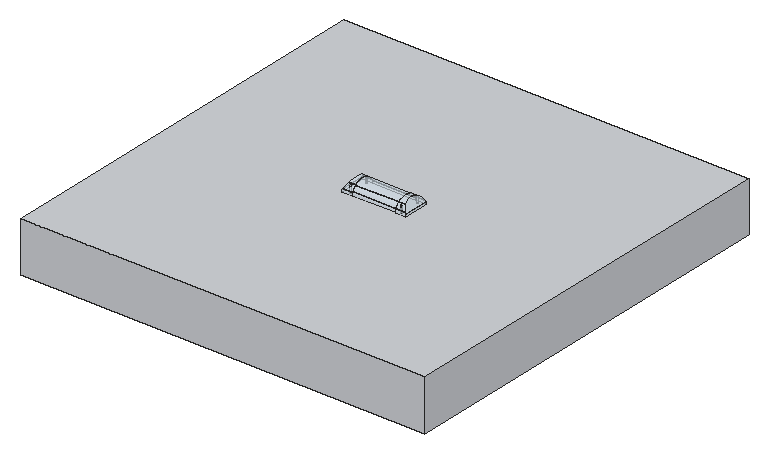
Revit family "GALAD Купер LED", category Осветительные приборы, Revit 2018
Family settings
  Основа = Грань
  Размер круглого соединителя = Использовать диаметр
  Тип детали = Нормальный
  При загрузке вырезать с полостями = Нет
  Источник света = Да
  Общий = Нет
  Точка расчета площади = Нет
Parameters (values of type "ДБО64-6х2-004 УХЛ4 (220В с датчиком.)")
  built-in parameter 1150104 = 13.8 (stored number, unit not read)
  Частота = "50"  # constant formula
  Цветопередача = 80
  built-in parameter 1150134 = 5000
  Файл фотометрической сетки = "GALAD kuper dbo64-6X2-004.IES"
  Угол наклона = 90.00°
  Тип устройства управления светодиодами = "без управления"  # constant formula
  Тип продукции = "Светильник"  # constant formula
  Тип монтажной поверхности = "настенный"
  Тип источника света = "LED"  # constant formula
  Тип ПРА = "ЭПРА"  # constant formula
  Тип КСС = "Косинусная"
  Срок службы = "12 лет"  # constant formula
  built-in parameter 1150137 = (empty or 0)
  built-in parameter 1150132 = 2
  built-in parameter 1150114 = 1 (stored number, unit not read)
  Снижение светового потока во время разгорания = "не более 6%"
  Dimming Lamp Color Temperature Shift = (empty or 0)
  built-in parameter 1150105 = 286.69 (stored number, unit not read)
  Color Filter = 16777215
  Lumens = 1140 lm
  Световая отдача = 95
  built-in parameter 1150109 = 1 (stored number, unit not read)
  built-in parameter 1150112 = 1 (stored number, unit not read)
  built-in parameter 1150110 = 1 (stored number, unit not read)
  built-in parameter 1150113 = 1 (stored number, unit not read)
  built-in parameter 1150115 = 1 (stored number, unit not read)
  built-in parameter 1114218 = 1 (stored number, unit not read)
  built-in parameter 1114217 = 1 (stored number, unit not read)
  Apparent Load = ADSK_Номинальная мощность / ADSK_Коэффициент мощности  # 40 VA
  Default Elevation = 1219.2 mm
  built-in parameter 1150106 = 2.867 (stored number, unit not read)
  Описание = "Светодиодный светильник GALAD Купер LED укомплектован датчиком свет+звук, когда освещенности в помещении недостаточно, датчик регистрирует звуки и, при наличии уровня шума выше порогового, включает светильник на 100% мощности, если освещенности в помещении достаточно, светильник не реагирует на звук и остается выключенным."  # constant formula
  Область использования = "ЖКХ"
  built-in parameter 1150142 = "IESNA:LM-63-95\r\n[TEST] Протокол №121R/10 \r\r\n[DATA] 23.11.2015\r\n[MORE] Измерение ИЦ ВНИСИ, гониофотометр RIGO-801, Ж С Ю\r\n[MANUFAC] GALAD\r\r\n[LUMCAT] \r\r\n[LUMINAIRE] Купер ДБО64-6X2-004\r\r\n[LAMPCAT] \r\r\n[LAMP]  СД, 12 Вт\r\r\n\r\nTILT=NONE\r\n1 1100 1.43 73 37 1 2 0.38 0.156 0.07\r\n1 1 12 \r\n 0 2.5 5 7.5 10 12.5 15 17.5 20 22.5 25 27.5 30 32.5 35 37.5 40 42.5 45 47.5 50\r\n 52.5 55 57.5 60 62.5 65 67.5 70 72.5 75 77.5 80 82.5 85 87.5 90 92.5 95 97.5 100\r\n 102.5 105 107.5 110 112.5 115 117.5 120 122.5 125 127.5 130 132.5 135 137.5 140\r\n 142.5 145 147.5 150 152.5 155 157.5 160 162.5 165 167.5 170 172.5 175 177.5 180\r\n 0 2.5 5 7.5 10 12.5 15 17.5 20 22.5 25 27.5 30 32.5 35 37.5 40 42.5 45 47.5 50\r\n 52.5 55 57.5 60 62.5 65 67.5 70 72.5 75 77.5 80 82.5 85 87.5 90\r\n 239.4 243.3 242.1 242.1 240.6 240.9 241.6 245.4 249.2 245.9 235 221.8 212.4 206.4\r\n 200.2 192 184.4 179 172.8 166.4 161.1 155.6 149 143.1 137.6 132.2 127.7 122.9\r\n 117.9 114.5 113.8 117.7 119.4 112.7 98.8 81.4 69.4 61.4 45 31.3 24 19.4 15.9 12.9\r\n 10 7.4 6.4 6.3 7.2 6.9 6.6 6.2 5.7 5.2 4.4 3.8 3 2.3 1.8 1.3 0.8 0.4 0.2 0.1 0 0\r\n 0.1 0.1 0 0 0 0 0\r\n 239.4 241.1 241.1 242.6 240.8 242.4 243 244.9 248.5 245.4 235.1 222.3 213.8 206.4\r\n 199.2 191.8 184.9 178.7 172.9 166.4 161.1 155.6 148.9 142.8 137.7 132.6 127.9\r\n 123.1 118.1 114.7 113.9 117.8 119.3 112.3 99.1 81.8 69.6 61.7 44.8 31.4 24 19.5\r\n 16.1 12.9 10 7.3 6.2 6.1 7 6.8 6.5 6.1 5.6 5 4.4 3.7 3 2.3 1.8 1.2 0.8 0.4 0.2 0 0\r\n 0 0 0.1 0 0 0 0 0\r\n 239.4 241.7 242.3 241.4 242 241.3 241.7 245.5 249.3 245.3 235.4 222.6 213 205.7\r\n 199.1 192.3 184.6 178.9 173.5 166.7 161 155.4 148.4 142.1 137.1 132.2 127 122.6\r\n 117.8 113.8 113 116.9 118.6 112.5 99.3 82.6 70.1 61.5 44.2 31.3 24 19.4 15.9 12.8\r\n 9.8 7.4 6.1 6.3 6.9 6.8 6.5 6.1 5.6 5 4.3 3.6 3 2.3 1.8 1.2 0.8 0.4 0.2 0 0 0 0\r\n 0.1 0 0 0 0 0\r\n 239.4 241.8 242.3 241.8 241.2 243.3 242.3 244.9 248.2 245.9 236.1 222 213.7 205.9\r\n 199.5 191.4 184.6 178.7 173.1 165.9 160.3 155.4 148.3 141.6 137.1 132.2 126.5\r\n 122.3 117.9 112.9 112.1 115.6 118.6 113.4 101 84.2 70.7 62.4 45.3 31.5 24 19.4\r\n 15.9 12.8 9.8 7.5 6.2 6.3 6.9 6.7 6.3 6 5.5 4.9 4.2 3.5 2.9 2.3 1.7 1.1 0.8 0.4\r\n 0.2 0 0 0 0 0.1 0 0 0 0 0\r\n 239.4 242.3 242.1 242.2 240.7 239.4 242.6 245.4 248.3 245 235.2 222.1 213 206\r\n 198.6 191.4 184.2 178.7 172.5 165.6 160.3 154.8 148 141.1 136.2 131.6 126.1 121.8\r\n 117.2 112.3 111.3 114.3 117.7 113.7 102.1 85.2 71.6 62.3 46.4 32 24.2 19.4 15.9\r\n 12.8 9.8 7.6 6.3 6.3 6.8 6.6 6.3 5.8 5.4 4.8 4.2 3.5 2.8 2.2 1.7 1.1 0.7 0.4 0.2 0\r\n 0 0 0.1 0.1 0 0 0 0 0\r\n 239.4 242.6 240.1 242.6 242.2 242.9 241.4 244.6 248.1 245.1 234.9 222.2 213.6\r\n 205.3 198.1 190.7 183.9 177.9 171.4 165.3 160 154.1 147.6 141.3 135.4 130.5 125.6\r\n 120.7 116.1 111.3 110 111.9 116.1 113.9 103.3 86.7 71.9 62.5 47.9 32.7 24.4 19.4\r\n 15.8 12.7 9.7 7.7 6.4 6.5 6.7 6.5 6.1 5.8 5.3 4.8 4.1 3.4 2.8 2.1 1.6 1.1 0.7 0.4\r\n 0.1 0 0 0 0.1 0 0 0 0 0 0\r\n 239.4 242.8 241.9 242.1 241 240.4 242.9 244.5 247.8 243.9 234.9 223 213.2 204.9\r\n 197.9 190.3 184 176.9 170.4 164.9 159.4 153.2 146.9 141 134.4 128.8 124.3 119.9\r\n 114.5 110.5 108.9 109.6 113.7 113 103.7 87.3 72.1 62.1 48.7 33.5 24.7 19.5 15.9\r\n 12.7 9.9 7.8 6.4 6.4 6.5 6.3 6 5.7 5.2 4.6 3.9 3.3 2.7 2.1 1.5 1 0.7 0.4 0.1 0 0 0\r\n 0.1 0 0 0 0 0 0\r\n 239.4 241.4 241.8 241.4 241.5 241.4 241.1 243.7 245.8 244.3 236.7 222.7 212.4\r\n 203.8 197.1 190.4 182.9 176.4 169.6 164.4 158.4 151.8 146.4 140.4 133.3 127.7\r\n 123.3 118.7 113.5 109.9 106.8 106.5 110.8 112.8 104.7 88.7 72.2 61.2 50.2 34.6\r\n 25.1 19.7 15.9 12.7 9.9 8 6.7 6.5 6.4 6.2 5.8 5.4 5 4.5 3.9 3.2 2.6 2 1.5 1 0.6\r\n 0.3 0.1 0 0 0.1 0.1 0 0 0 0 0 0\r\n 239.4 241.1 242.2 241.6 241.5 241.2 242.5 243.1 244.7 243.4 235.3 222.9 211.4\r\n 203.8 196.6 189.5 182.1 175.4 169.1 163.5 157.6 151.4 145.6 139.6 132.9 126.9 122\r\n 116.8 112.2 108.5 104.4 103.8 107.7 111.4 105.6 89.8 72.3 61.1 50.3 36 25.9 19.8\r\n 15.9 12.8 10 8.2 6.8 6.6 6.3 5.9 5.6 5.1 4.8 4.3 3.7 3.1 2.5 1.9 1.4 0.9 0.6 0.3\r\n 0.1 0 0 0.1 0.1 0 0 0 0 0 0\r\n 239.4 241.4 241.2 242.6 240.8 239.9 241 241.7 243.5 242.7 235.8 223.4 212.1 203.5\r\n 196 189.1 181.6 175.2 168.6 162.6 156.9 150.4 144.8 139.1 132.4 125.7 120.2 115.2\r\n 111.1 106.4 102.7 101.3 103.5 108.8 106.2 91.9 73.1 60.5 51.4 38.5 26.9 20.3 16.1\r\n 12.8 10.1 8.3 7.1 6.7 6.2 5.8 5.3 5 4.6 4.1 3.5 2.9 2.3 1.8 1.4 0.9 0.6 0.3 0.1 0\r\n 0 0 0.1 0 0 0 0 0 0\r\n 239.4 240.1 240.4 241.9 242 240.7 240.8 241.5 242.4 242.5 236 224.1 211.5 202.4\r\n 195.3 188.9 181 174.2 168.1 161.9 155.9 150 143.8 137.6 131.7 124.9 118.6 113.9\r\n 109 104.3 100.7 98.1 99.3 104.2 105.7 92.8 73.4 60 51.1 40.1 28.3 20.8 16.3 12.9\r\n 10.2 8.5 7.3 6.9 6.3 5.7 5.2 4.7 4.3 3.8 3.3 2.7 2.2 1.7 1.2 0.9 0.5 0.2 0.1 0 0 0\r\n 0.1 0 0 0 0 0 0\r\n 239.4 242.1 241.5 241.9 239.9 239.4 240.3 240.3 241.4 242.6 235.1 224 212.3 202.4\r\n 195 188.1 180.4 172.9 167.1 161.1 155.3 149.4 143.1 136.6 130.4 123.8 117.5 111.6\r\n 106.5 102.4 98 94.9 94.7 99.1 103.7 95 75.2 59.7 50.4 41.1 29.8 21.6 16.5 13 10.4\r\n 8.5 7.5 6.8 6.2 5.6 5 4.5 4 3.5 3 2.5 2 1.5 1.1 0.8 0.4 0.2 0.1 0.1 0.1 0 0 0 0 0\r\n 0 0 0\r\n 239.4 243 240.9 242 241.1 240.7 239.6 239.7 240.7 241.4 235.6 225.1 212.9 202.1\r\n 194.2 187.2 180.3 172.6 166.2 160.6 154.5 148.2 141.9 135.6 129.1 122.7 116.1\r\n 109.6 104.3 99.5 95 91.8 90.5 92.7 98.5 95.6 76.2 59 49.2 40.8 31.2 22.4 16.8 13.1\r\n 10.5 8.7 7.5 6.8 6.1 5.5 4.9 4.3 3.8 3.3 2.7 2.2 1.8 1.4 1 0.6 0.3 0.2 0.1 0.1 0\r\n 0.1 0 0 0 0 0 0 0\r\n 239.4 242.8 240.5 241.9 240.8 237.9 238.7 238.1 240.6 240.9 235.1 225.7 213.2 203\r\n 193.6 186.9 179.7 172.3 165.2 159.9 153.1 147.3 140.9 133.8 128 121.5 114.2 108.2\r\n 101.9 96.3 92 88.1 85.9 86.4 91.8 95.2 79.2 59.1 48 39.8 31.7 23.4 17.3 13.4 10.6\r\n 8.7 7.5 6.6 5.9 5.3 4.7 4.2 3.6 3 2.5 2 1.6 1.2 0.8 0.5 0.3 0.1 0.1 0.1 0.1 0.1 0\r\n 0 0 0 0 0 0\r\n 239.4 241.6 241.1 241.6 240.1 239.8 237.1 238.2 238.3 239.4 234.8 226.1 213.6\r\n 202.5 193.2 186.1 178.9 171 164.6 158.1 151.9 145.9 139 132.3 126.6 119.5 112.6\r\n 106.2 99.9 93.7 88.6 84.7 81.5 80.5 84 89.5 80.2 58.5 46.2 38.5 31.6 24.5 17.8\r\n 13.5 10.6 8.7 7.4 6.5 5.8 5.2 4.6 4 3.4 2.8 2.3 1.8 1.4 1 0.7 0.4 0.2 0.1 0.1 0.1\r\n 0.1 0.1 0 0 0 0 0 0 0\r\n 239.4 243 240 243.3 239.9 238.7 237.5 237.4 236.8 238.4 234.5 225.5 213.8 203.6\r\n 193.3 184.9 178.8 170.7 163.8 156.8 150.3 144.8 137.9 130.9 124.9 117.6 111.1\r\n 104.3 97.4 90.9 85.3 80.5 76.6 74.5 75.5 80.7 79.4 59.5 44.9 36.5 30.4 24.4 18.4\r\n 13.7 10.7 8.7 7.2 6.2 5.6 4.9 4.3 3.8 3.2 2.7 2.1 1.7 1.3 0.9 0.6 0.3 0.1 0.1 0.1\r\n 0.1 0.1 0.1 0.1 0 0 0 0 0 0\r\n 239.4 242.8 241.1 240.8 240.3 238 236.3 234.8 236.4 237.1 234.3 225.6 213.4 203.8\r\n 192.9 184.9 177 169.6 162.7 155.2 149 142.2 136 129 122 115.4 108.5 101.6 94.8\r\n 88.5 82.3 76.3 71.3 68.2 67.6 71.2 74.6 61.2 43.3 34.1 28.5 23.8 19 14.1 10.7 8.5\r\n 7 6 5.3 4.7 4.1 3.5 3 2.4 2 1.5 1.1 0.8 0.5 0.2 0.1 0.1 0.1 0.1 0.1 0.1 0 0.1 0 0\r\n 0 0 0\r\n 239.4 241.9 239.5 242.6 239 238.4 236.4 234.3 235.1 233.2 233.5 226.3 214.5 204.3\r\n 193.5 185.5 176.1 168.1 160.7 154.1 147.4 140.4 134.2 125.5 115.5 112.5 105.7 98.8\r\n 91.9 85.2 78.6 72.7 67.3 63 60.7 61.7 66.6 59.6 42.9 31.8 25.6 21.5 18 14.2 10.7\r\n 8.3 6.8 5.7 5 4.4 3.8 3.3 2.8 2.2 1.7 1.3 1 0.7 0.4 0.2 0 0.1 0.1 0.1 0.1 0.1 0.1\r\n 0.1 0 0 0 0 0\r\n 239.4 241.5 240.6 240.4 239.6 238 235.1 232.5 232.7 234 232.5 226.9 215 203.8\r\n 193.6 184.5 176.1 167.6 159.4 152.3 145.1 138.3 131.2 122.3 110.8 107.4 102.6 95.5\r\n 88.6 81.6 74.7 68.2 62.6 57.5 54 53.1 55.3 56 42.4 30.3 23.2 18.9 15.9 13.3 10.5\r\n 8.1 6.5 5.4 4.7 4.1 3.6 3.1 2.5 2 1.5 1.1 0.9 0.6 0.3 0.1 0 0.1 0.1 0.1 0.1 0.1\r\n 0.1 0.1 0 0 0 0 0\r\n 239.4 241.3 241.3 239.4 239.7 237.7 234.8 232.8 230.6 233 230.7 226.2 216.8 205\r\n 193.2 184.9 175.3 167.3 157.6 150.5 142.7 136 128.7 120.8 109.4 103.5 98.9 91.8\r\n 84.5 77.4 70.6 63.9 57.8 52.6 48.6 46.4 46.6 48.3 41.1 30.1 22.1 17.2 14 11.6 9.7\r\n 7.8 6.1 5.1 4.4 3.8 3.3 2.8 2.3 1.8 1.3 0.9 0.6 0.4 0.2 0.1 0.1 0 0.1 0.1 0.1 0.1\r\n 0.1 0.1 0 0 0 0 0\r\n 239.4 242 240.9 240.4 239.2 236.3 235.2 232 228.8 230.6 230.4 224.5 216.5 205.4\r\n 193.3 183.4 174.3 166 157.3 149.4 140.9 133.1 125.4 117.9 109.6 102 95.1 87.4 80\r\n 72.7 65.6 59.1 52.9 47.6 43.4 40.4 39.4 40 37.6 30.1 22.3 16.5 12.8 10.4 8.6 7.1\r\n 5.8 4.8 4.1 3.5 3.1 2.5 2.1 1.6 1.1 0.8 0.5 0.3 0.2 0.1 0 0.1 0.1 0.1 0.1 0.1 0.1\r\n 0 0 0 0 0 0\r\n 239.4 242 240.1 239.3 239.9 236.5 234.9 231.9 228.7 227.8 228.3 225.4 215.3 205.1\r\n 193.4 183.7 173.5 164.6 155.3 146.8 139.1 131.1 122.8 114.6 106.1 97.8 90 82.5\r\n 74.9 67.8 60.8 54.3 48.4 43.3 39.2 36.1 34.3 33.7 32.5 27.9 21.8 16.1 12 9.5 7.7\r\n 6.4 5.3 4.5 3.8 3.2 2.7 2.3 1.8 1.4 1 0.6 0.4 0.3 0.2 0.2 0.1 0.1 0.1 0.1 0.1 0.1\r\n 0.1 0 0 0 0 0 0\r\n 239.4 242.5 240 239.4 238.4 237.4 234 231 228.4 226 225.2 223.9 215.8 204.6 193.1\r\n 182.1 172.8 163.1 153.7 145 136.5 127.7 119.4 110.6 101.7 93.4 85.4 77.7 70.4 63.3\r\n 56.3 50 44.4 39.4 35.2 31.7 29.2 28 27 24.1 20.4 16 11.9 8.9 7 5.7 4.7 4.1 3.5 3\r\n 2.5 2.1 1.7 1.2 0.9 0.5 0.3 0.2 0.2 0.2 0.1 0.1 0.1 0.1 0.1 0.1 0.1 0.1 0 0 0 0 0\r\n 239.4 242.4 241.6 238.9 237.8 237.6 233.6 229.5 228.1 225.3 224.4 221.8 214.5\r\n 205.6 192.8 180.9 170.8 161.4 152.3 143.2 134.2 125.2 116 106.3 97.1 88.7 80.8\r\n 73.3 66 58.9 52.2 46 40.5 35.8 31.7 28 25.2 23.3 22 20.1 17.2 14.1 10.9 8.1 6.3\r\n 5.2 4.3 3.7 3.2 2.7 2.3 1.9 1.5 1.1 0.8 0.4 0.2 0.1 0.2 0.2 0.1 0.1 0 0.1 0 0 0.1\r\n 0.1 0 0 0 0 0\r\n 239.4 241.4 241 238 237 236 233.6 229.8 226.2 223.4 221.8 220.6 214.3 204.3 193.1\r\n 181.1 169.7 159.7 150.4 140.4 131 121.3 111.8 101.6 92.6 84.4 76.5 68.9 61.5 54.5\r\n 48 42.3 37.2 32.4 28.2 24.4 21.3 19.1 17.6 16 14 11.8 9.6 7.6 5.8 4.6 3.9 3.4 3\r\n 2.6 2.1 1.6 1.3 0.9 0.6 0.4 0.2 0.1 0.2 0.2 0.2 0.1 0.1 0.1 0.1 0 0.1 0.1 0 0 0 0\r\n 0\r\n 239.4 239.6 242 239.2 237.1 234.9 234.3 230.7 226 223.2 220.9 218.1 213.4 204.1\r\n 193.3 180.2 168.6 157.7 147.9 137.9 127.8 117.6 107.4 97.6 88.5 80.1 72.2 64.6\r\n 57.1 50.2 44.2 38.9 33.9 29.5 25.4 21.8 18.7 16.2 14.5 13 11.3 9.4 7.8 6.3 5.1 4.2\r\n 3.5 3.1 2.7 2.3 2 1.5 1.1 0.8 0.6 0.4 0.2 0.1 0.1 0.2 0.2 0.1 0 0 0 0 0.1 0.1 0 0\r\n 0 0 0\r\n 239.4 240.8 241.4 238.2 237.5 233.9 231.9 231.4 226.7 221.8 217.7 216.6 212.3\r\n 204.4 193.3 180.7 167.9 156.7 145.9 135.1 124.6 114.1 103.6 93.8 84.9 76.3 68.1\r\n 60.5 53.4 46.9 41.3 36.2 31.6 27.1 23 19.4 16.5 14.2 12.5 10.9 9.4 7.9 6.4 5.3 4.4\r\n 3.8 3.3 2.8 2.4 2 1.7 1.4 1 0.8 0.6 0.4 0.3 0.2 0.1 0.2 0.2 0.1 0.1 0 0 0 0.1 0.1\r\n 0 0 0 0 0\r\n 239.4 239.6 241.8 238.9 236.6 233.6 231.1 229.6 227.8 224 219 214.4 210.1 203.4\r\n 192.8 180.8 168.3 155.7 144.1 133 121.6 110.7 100 90.3 80.8 72.4 64.4 56.9 50 43.8\r\n 38.6 33.9 29.5 25.3 21.4 18 15.2 12.7 10.9 9.5 8 6.6 5.4 4.6 3.8 3.2 2.8 2.4 2.2\r\n 1.9 1.5 1.3 1 0.8 0.6 0.4 0.3 0.2 0.1 0.1 0.2 0.1 0.1 0.1 0 0 0.1 0.1 0 0 0 0 0\r\n 239.4 239.6 240.5 239.6 237.5 235.8 229.2 226.8 224.6 220.7 217.6 212.8 209.5\r\n 202.4 192.7 180.8 167.3 154.6 142.5 130 118.3 107.2 96.5 86.8 77.4 68.9 60.9 53.7\r\n 47.3 41.8 36.8 32.3 27.9 23.7 19.9 16.7 14.1 11.9 10.2 8.5 6.9 5.6 4.5 3.8 3.4 2.9\r\n 2.5 2.3 2 1.8 1.5 1.3 1 0.8 0.6 0.4 0.4 0.2 0.1 0.1 0.1 0.2 0.1 0 0 0 0 0.1 0 0 0\r\n 0 0\r\n 239.4 238.5 241.3 239.7 236 235 232.6 227.5 223.7 220.3 215.4 210.6 205.5 200.2\r\n 191.6 180.3 167.1 153.5 140.7 128.2 115.7 104.2 93.6 83.5 74.1 65.9 58.1 51.1 45\r\n 39.8 35 30.6 26.5 22.5 18.8 15.8 13.2 11.1 9.4 7.6 6.2 5 3.8 3.2 2.8 2.5 2.3 2.2 2\r\n 1.8 1.5 1.3 1 0.8 0.6 0.4 0.4 0.2 0.1 0.1 0.1 0.1 0.1 0 0 0 0 0.1 0 0 0 0 0\r\n 239.4 239.2 241.7 239.5 236.3 235.3 232.2 228.5 224.9 221.4 215.9 210.6 205.2 199\r\n 190.5 179 166.6 152.5 139 125.8 113.4 101.8 90.9 81 71.7 63.2 55.8 49.3 43.4 38.3\r\n 33.8 29.5 25.2 21.2 17.7 15 12.6 10.6 8.9 7.1 5.3 4.2 3.5 3 2.6 2.3 2.2 2.1 2 1.8\r\n 1.5 1.3 1 0.8 0.6 0.5 0.4 0.3 0.1 0.1 0.1 0.2 0.1 0 0 0 0 0.1 0 0 0 0 0\r\n 239.4 238.3 239.5 239.1 237.1 232.8 232.1 228.7 223.6 220.1 215.5 209.4 202.4\r\n 196.3 189.1 178.6 166.3 152.9 138.9 125.3 112.2 100.3 89.1 78.7 69.2 61.2 54 47.5\r\n 41.9 36.9 32.5 28.2 24.1 20.3 17 14.2 11.9 10 8.2 6.3 4.8 3.6 3 2.6 2.3 2.2 2.1 2\r\n 1.8 1.7 1.5 1.2 1 0.8 0.6 0.5 0.4 0.3 0.1 0.1 0.1 0.2 0.1 0.1 0 0 0 0.1 0 0 0 0 0\r\n 239.4 239.2 237.9 238.9 235.6 232.5 229.8 227.5 222.3 218.3 214 207.9 202.3 195.8\r\n 187.5 177.9 166 152.8 138.6 124.2 110.5 98.3 87 76.7 67.5 59.8 52.9 46.6 41 36.1\r\n 31.5 27.3 23.3 19.7 16.5 13.8 11.6 9.6 7.8 5.2 4.2 3.3 2.7 2.3 2.1 2 1.9 1.8 1.8\r\n 1.6 1.4 1.2 1 0.8 0.7 0.5 0.4 0.3 0.2 0.1 0.1 0.1 0.1 0 0 0 0 0.1 0 0 0 0 0\r\n 239.4 237.4 238.1 236.6 235.9 231.1 227.6 225.1 222.5 216.9 213.1 208.9 201.8\r\n 194.3 187.1 177.9 166.4 154 140 124.9 110.7 97.6 86.1 75.6 66.2 58.3 51.5 45.5 40\r\n 35.1 30.7 26.6 22.7 19.2 15.8 13.2 11 9.3 6.2 4.6 3.1 2.5 2.1 2 1.9 1.9 1.8 1.8\r\n 1.7 1.6 1.4 1.2 1 0.9 0.7 0.5 0.4 0.3 0.1 0.1 0.1 0.1 0.1 0.1 0 0 0 0.1 0 0 0 0 0\r\n 239.4 238.6 236.7 235.8 233.8 232.1 227.6 223.4 221.6 218.6 212.2 205.7 200.6\r\n 193.8 186.3 177.3 166.7 154 139.8 124.2 109.4 96.4 84.6 74.1 65 57.7 51.1 45 39.6\r\n 34.7 30.1 25.9 22 18.8 15.7 13.2 10.9 9.3 5.5 3.3 2.4 2.1 1.9 1.9 1.9 1.9 1.8 1.7\r\n 1.7 1.6 1.4 1.2 1 0.9 0.8 0.5 0.4 0.3 0.2 0.1 0.1 0.1 0.1 0.1 0 0 0 0.1 0 0 0 0 0\r\n 239.4 236.5 235.5 234.9 233.3 231.6 228.4 225.3 221.9 217.4 211.8 205.9 199.9\r\n 193.6 185.1 177.4 167.3 155.7 141.2 125.7 110.4 96.4 83.9 73.6 64.6 56.9 50.2 44.3\r\n 39.1 34.2 29.9 25.8 21.8 17.8 14.6 12 10.4 8.6 4.6 3 2.8 2.3 2 1.9 1.9 1.9 1.9 1.8\r\n 1.7 1.6 1.4 1.2 1 0.9 0.7 0.5 0.4 0.3 0.2 0.1 0.1 0.2 0.2 0.1 0 0 0 0.1 0 0 0 0 0\r\n 239.4 237.5 236.5 235.6 233.9 231.1 230.7 226.1 220.7 214.5 211.7 206.9 199.2\r\n 192.4 185.8 177 167.1 154.6 140.1 124.7 109.2 95.1 83.3 72.9 64.2 56.9 50.5 44.5\r\n 39.1 34.2 29.7 25.4 21.4 17.8 14.6 12.1 10.5 8.8 4.4 3.1 2.8 2.3 2 1.8 2 1.9 1.9\r\n 1.8 1.6 1.5 1.4 1.2 1 0.9 0.8 0.6 0.4 0.3 0.2 0.1 0.1 0.2 0.1 0.1 0 0 0 0.1 0 0 0\r\n 0 0\r\n"
  Неравномерность яркости = 0
  built-in parameter 1150133 = 10 (stored number, unit not read)
  Wattage = 9.2903 W
  Материал рассеивателя = ПММА
  Материал корпуса = Сталь
  Коэффициент пульсации = "менее 5%"
  built-in parameter 1150139 = (empty or 0)
  Климатическое исполнение = "1…35 °С"
  Климатическая зона = "УХЛ5"
  Класс светораспределения = "П"
  Класс защиты от поражения электрическим током = "1"  # constant formula
  Класс Защиты = "1"
  built-in parameter 1150138 = (empty or 0)
  built-in parameter 1150107 = 5000 (stored number, unit not read)
  built-in parameter 1150102 = (empty or 0)
  Emit from Rectangle Width = 609.6 mm
  Emit from Rectangle Length = 1219.2 mm
  Изготовитель = "АО «КАДОШКИНСКИЙ ЭЛЕКТРОТЕХНИЧЕСКИЙ ЗАВОД»"  # constant formula
  Диапазон цветовой температуры = "5028±283"
  Группа модели = "Светильники"  # constant formula
  Возможный угол наклона = "0"
  Видимая форма излучения при визуализации = no
  Блок аварийного питания = 1 = 0  # no
  URL = "https://galad.ru/catalog/indoor/zhkh/kuper-led/dbo64-6-2-004-uhl4-220v-s-datchikom/"
  IP = "40"
  ADSK_Энергоэффективность = 95 lm/W  # constant formula
  ADSK_Ток = ADSK_Номинальная мощность / (ADSK_Коэффициент мощности * ADSK_Напряжение * sqrt(ADSK_Количество фаз))  # 0.173913 A
  ADSK_Размер_Ширина = 156 mm
  ADSK_Размер_Длина = 386 mm
  ADSK_Размер_Высота = 66 mm
  ADSK_Примечание = ""
  ADSK_Полная мощность = ADSK_Номинальная мощность / ADSK_Коэффициент мощности  # 40 VA
  ADSK_Позиция = ""
  ADSK_Обозначение = "ГОСТ 15150-69"  # constant formula
  ADSK_Номинальная мощность = 40 VA  # constant formula
  ADSK_Напряжение = 230 V  # constant formula
  ADSK_Наименование краткое = "ДБО64-6х2-004 УХЛ4 (220В с датчиком.)"
  ADSK_Наименование = "ДБО64-6х2-004 УХЛ4 (220В с датчиком.)"
  ADSK_Масса_Текст = "0.95"
  ADSK_Масса = 0.95
  ADSK_Марка = ADSK_Наименование  # "ДБО64-6х2-004 УХЛ4 (220В с датчиком.)"
  ADSK_Коэффициент мощности = 1  # constant formula
  ADSK_Количество фаз = 1  # constant formula
  ADSK_Количество = 1  # constant formula
  ADSK_Код изделия = "2654"
  ADSK_Классификация нагрузок = Освещение
  ADSK_Завод-изготовитель = "АО «КАДОШКИНСКИЙ ЭЛЕКТРОТЕХНИЧЕСКИЙ ЗАВОД»"
  ADSK_Единица измерения = "шт."  # constant formula
  ADSK_Группирование = ""
  ADSK_Версия семейства = "1.01"  # constant formula
  ADSK_Версия Revit = "2018"  # constant formula
Reference planes
  plane 1 "По центру (Вперед/Назад)": y = 0
  plane 2: z = 0
  plane 3 "По центру (Влево/Вправо)": x = 0
  plane 4: y = 78
  plane 5: y = -78
  plane 6: x = -193
  plane 7: x = 193
  plane 8: z = 66
Forms (mm)
  Extrusion 1, solid
    sketch origin (0, 0, 0) x (1, 0, 0) y (0, 1, 0)
      loop
        line (-1219.2, 1219.2) -> (-1219.2, -1219.2) -> (1219.2, -1219.2) -> (1219.2, 1219.2) -> (-1219.2, 1219.2)
    from 0 to -304.8
  Extrusion 2, solid, material "ПММА" <- "Материал рассеивателя", detail levels medium+fine
    sketch origin (0, 0, 0) x (0, 1, 0) y (0, 0, 1)
      loop
        arc (-51.395, 48.184) -> (-64.423, 35.99) -> (-73.103, 20.399) r 57.702
        arc (-73.103, 20.399) -> (-75.644, 10.354) -> (-76.035, 0) r 49.432
        line (-76.035, 0) -> (76.035, 0)
        arc (76.035, 0) -> (75.644, 10.354) -> (73.103, 20.399) r 49.432
        arc (73.103, 20.399) -> (64.423, 35.99) -> (51.395, 48.184) r 57.702
        arc (51.395, 48.184) -> (0, 64) -> (-51.395, 48.184) r 91.414
    from -130.002 to 129.998
  Extrusion 3, solid, material "ПММА" <- "Материал рассеивателя", detail levels medium+fine
    sketch origin (0, 0, 0) x (0, 1, 0) y (0, 0, 1)
      loop
        arc (-52.545, 49.82) -> (-66.013, 37.211) -> (-74.99, 21.092) r 59.723
        arc (-74.99, 21.092) -> (-77.631, 10.707) -> (-78.07, 0) r 51.597
        line (-78.07, 0) -> (78.07, 0)
        arc (78.07, 0) -> (77.631, 10.707) -> (74.99, 21.092) r 51.597
        arc (74.99, 21.092) -> (66.013, 37.211) -> (52.545, 49.82) r 59.723
        arc (52.545, 49.82) -> (0, 66) -> (-52.545, 49.82) r 93.413
    from 130.002 to 192.998
  Extrusion 4, void
    sketch origin (0, 0, 0) x (1, 0, 0) y (0, 0, 1)
      loop
        line (162.002, 66) -> (192.998, 15.005) -> (192.998, 66) -> (162.002, 66)
    from -78 to 78
  Extrusion 5, void
    sketch origin (0, 0, 0) x (1, 0, 0) y (0, 1, 0)
      loop
        circle (152.998, 62.588) r 4.5
      loop
        circle (152.998, -62.588) r 4.5
    from 0 to 66
  Extrusion 6, solid, material "ПММА" <- "Материал рассеивателя", detail levels medium+fine
    sketch origin (0, 0, 0) x (0, 1, 0) y (0, 0, -1)
      loop
        arc (-52.545, -49.82) -> (0, -66) -> (52.545, -49.82) r 93.413
        arc (52.545, -49.82) -> (66.013, -37.211) -> (74.99, -21.092) r 59.723
        arc (74.99, -21.092) -> (77.631, -10.707) -> (78.07, 0) r 51.597
        line (78.07, 0) -> (-78.07, 0)
        arc (-78.07, 0) -> (-77.631, -10.707) -> (-74.99, -21.092) r 51.597
        arc (-74.99, -21.092) -> (-66.013, -37.211) -> (-52.545, -49.82) r 59.723
    from 130.002 to 192.998
  Extrusion 7, void
    sketch origin (0, 0, 0) x (-1, 0, 0) y (0, 0, -1)
      loop
        line (162.002, -66) -> (192.998, -66) -> (192.998, -15.005) -> (162.002, -66)
    from -78 to 78
  Extrusion 8, void
    sketch origin (0, 0, 0) x (-1, 0, 0) y (0, -1, 0)
      loop
        circle (152.998, -62.588) r 4.5
      loop
        circle (152.998, 62.588) r 4.5
    from 0 to 66
  Extrusion 9, solid, material "ПММА" <- "Материал рассеивателя", detail levels coarse
    sketch origin (0, 0, 0) x (1, 0, 0) y (0, 1, 0)
      loop
        line (-193, 78) -> (-193, -78) -> (193, -78) -> (193, 78) -> (-193, 78)
    from 0 to 66
Cuts and joins
  Extrusion 4, Extrusion 5, Extrusion 7, Extrusion 8 cuts Extrusion 3
  Extrusion 7, Extrusion 8 cuts Extrusion 6
  joined: Extrusion 2, Extrusion 3, Extrusion 6
Dimensions and locks
  equal spacing: plane 6, plane 3 "По центру (Влево/Вправо)", plane 7
  equal spacing: plane 4, plane 1 "По центру (Вперед/Назад)", plane 5
  "ADSK_Размер_Длина": plane 6 to plane 7
  "ADSK_Размер_Ширина": plane 4 to plane 5
  "ADSK_Размер_Высота": plane 8 to level
  aligned and locked: plane 2 to Extrusion 1
  aligned and locked: level to Extrusion 1
  aligned and locked: plane 4 to Extrusion 4
  aligned and locked: Extrusion 4 to plane 5
  aligned and locked: plane 8 to Extrusion 5
  aligned and locked: plane 5 to Extrusion 9 sketch curve
  aligned and locked: Extrusion 9 sketch curve to plane 7
  aligned and locked: plane 8 to Extrusion 9
  aligned and locked: Extrusion 9 to level
Automatic sketch dimensions
  Extrusion 1 sketch curve to Extrusion 1 sketch curve = 2438.4 mm  (x2)
  Extrusion 2 sketch curve to level = 0 mm
  plane 5 to Extrusion 2 sketch curve = 1.965 mm
  level to Extrusion 2 sketch curve = 3.322 mm  (x2)
  plane 1 "По центру (Вперед/Назад)" to Extrusion 2 sketch curve = 26.714 mm
  level to Extrusion 2 sketch curve = 0.466 mm  (x2)
  Extrusion 2 sketch curve to Extrusion 2 sketch curve = 7.76 mm  (x2)
  plane 1 "По центру (Вперед/Назад)" to Extrusion 2 sketch curve = 0 mm
  Extrusion 2 sketch curve to plane 1 "По центру (Вперед/Назад)" = 18.954 mm
  Extrusion 2 sketch curve to plane 4 = 1.965 mm
  Extrusion 2 sketch curve to level = 27.414 mm
  Extrusion 2 sketch curve to Extrusion 2 sketch curve = 0 mm  (x3)
  plane 5 to Extrusion 2 sketch curve = 26.605 mm
  Extrusion 2 sketch curve to plane 8 = 17.816 mm
  Extrusion 3 sketch curve to level = 0 mm
  Extrusion 3 sketch curve to plane 5 = 0.07 mm
  level to Extrusion 3 sketch curve = 3.251 mm  (x2)
  plane 1 "По центру (Вперед/Назад)" to Extrusion 3 sketch curve = 26.575 mm
  level to Extrusion 3 sketch curve = 0.442 mm  (x2)
  Extrusion 3 sketch curve to Extrusion 3 sketch curve = 7.625 mm  (x2)
  plane 1 "По центру (Вперед/Назад)" to Extrusion 3 sketch curve = 0 mm
  Extrusion 3 sketch curve to plane 1 "По центру (Вперед/Назад)" = 18.95 mm
  plane 4 to Extrusion 3 sketch curve = 0.07 mm
  Extrusion 3 sketch curve to level = 27.413 mm
  Extrusion 3 sketch curve to Extrusion 3 sketch curve = 0 mm  (x3)
  plane 5 to Extrusion 3 sketch curve = 25.455 mm
  Extrusion 3 sketch curve to plane 8 = 16.18 mm
  plane 8 to Extrusion 4 sketch curve = 0 mm
  Extrusion 4 sketch curve to plane 7 = 30.998 mm
  Extrusion 4 sketch curve to plane 7 = 0.002 mm
  level to Extrusion 4 sketch curve = 15.005 mm
  plane 5 to Extrusion 5 sketch curve = 15.412 mm
  Extrusion 5 sketch curve to plane 7 = 40.002 mm  (x2)
  Extrusion 5 sketch curve to plane 4 = 15.412 mm
  Extrusion 6 sketch curve to level = 0 mm
  Extrusion 6 sketch curve to plane 5 = 0.07 mm
  level to Extrusion 6 sketch curve = 3.251 mm  (x2)
  plane 1 "По центру (Вперед/Назад)" to Extrusion 6 sketch curve = 26.575 mm
  level to Extrusion 6 sketch curve = 0.442 mm  (x2)
  Extrusion 6 sketch curve to Extrusion 6 sketch curve = 7.625 mm  (x2)
  plane 1 "По центру (Вперед/Назад)" to Extrusion 6 sketch curve = 0 mm
  Extrusion 6 sketch curve to plane 1 "По центру (Вперед/Назад)" = 18.95 mm
  plane 4 to Extrusion 6 sketch curve = 0.07 mm
  Extrusion 6 sketch curve to level = 27.413 mm
  Extrusion 6 sketch curve to Extrusion 6 sketch curve = 0 mm  (x3)
  plane 5 to Extrusion 6 sketch curve = 25.455 mm
  Extrusion 6 sketch curve to plane 8 = 16.18 mm
  Extrusion 7 sketch curve to plane 8 = 0 mm
  Extrusion 7 sketch curve to plane 6 = 30.998 mm
  Extrusion 7 sketch curve to plane 6 = 0.002 mm
  Extrusion 7 sketch curve to level = 15.005 mm
  Extrusion 8 sketch curve to plane 5 = 15.412 mm
  Extrusion 8 sketch curve to plane 6 = 40.002 mm  (x2)
  plane 4 to Extrusion 8 sketch curve = 15.412 mm
  Extrusion 9 sketch curve to plane 6 = 0 mm
  Extrusion 9 sketch curve to plane 4 = 0 mm
  radius of Extrusion 5 sketch curve = 4.5 mm  (x2)
  radius of Extrusion 8 sketch curve = 4.5 mm  (x2)
Connectors
  electrical at (0, 0, 0), driven by "ADSK_Классификация нагрузок", driven by "ADSK_Напряжение", driven by "ADSK_Полная мощность", driven by "ADSK_Коэффициент мощности"
    settings: on cut or joined group of Extrusion 2, Extrusion 3, Extrusion 4, Extrusion 5, Extrusion 6, Extrusion 7, Extrusion 8, index 1, voltage 230 V, apparent load 40 VA, apparent load phase1 0 VA, apparent load phase2 0 VA, apparent load phase3 0 VA, power factor 1, load classification "Освещение", number of poles 1, system type 30, power factor state 1, is connector primary yes, connector utility no, sub classification motor no, connector description ""
